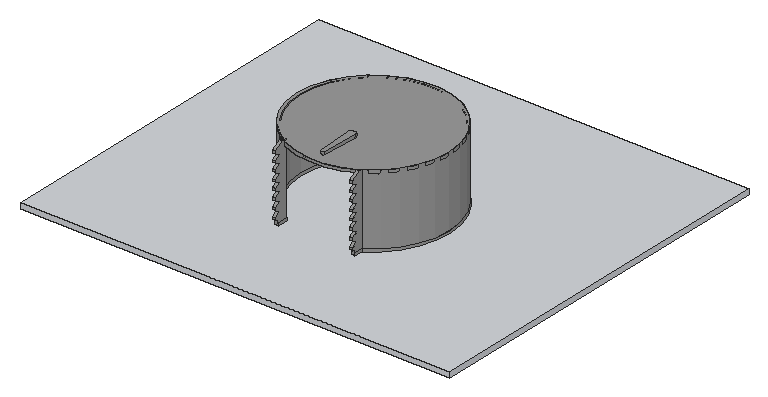
Revit family "46-PORTARROLLOS METÁLICO", category Aparatos sanitarios, Revit 2018
Family settings
  Anfitrión = Cara
  Cota de conector redondo = Diámetro de uso
  Tipo de pieza = Normal
  Número OmniClass = 23.45.00.00
  Título OmniClass = Sanitary, Laundry, and Cleaning Equipment
  Corte con vacíos al cargar = No
  Compartido = No
  Punto de cálculo de habitación = No
Parameters
  Vida útil unidad = ""
  Vida útil = ""
  URL = ""
  Tráfico = "Institucional"
  Tipo de Activo = "Fijo"
  Tamaño = "265 x 130 x 265"
  Responsable Garantías Partes = "www.corona.com.co"
  Requerimientos Accesibilidad = "Manual"
  Presión mínima = ""
  Presión Máxima = ""
  Número Modelo = "706670001"
  Nombre del Fabricante = "Corona"
  Nombre = "Portarrollo"
  Model = ""
  Material de Fabricación = "Acero Inoxidable"
  Material Acabado = Acero Inoxidable Corona
  Logitud Nominal = 264
  Forma = "Cilíndrica"
  Fabricante = "www.corona.com.co"
  Default Elevation = 0 mm
  Duración Garantía Unidad = "Año"
  Duración Garantía Partes = "1"
  Diámetro de conexión entrada = ""
  Descripción de la garantía = "Garantía de 1 año, garantía de 3 años en acabados."
  Descripción IFC = "Portarrollo metálico"
  Descripción = "Plumbing Fixtures"
  Código de montaje = "D2010"
  Cumplimiento de Norma = "Cumple con norma IAPMO IGC 157"
  Consumo de agua = ""
  Color = "Satinado"
  Caudal = ""
  Características = "Tamaño adecuado para diferentes tamaños de rollo, sistema de fijación externa, ideal para instituciones de alto tráfico"
  Ancho Nominal = 130
  Altura Nominal = 265
  Acabado = "Brillante"
Reference planes
  plane 1 "Center (Front/Back)": y = 0
  plane 2: z = 0
  plane 3 "Center (Left/Right)": x = 0
  plane 4: y = -138.397
  plane 5: y = -125.962
Forms (mm)
  Extrusion 1, solid
    sketch origin (0, 0, 0) x (1, 0, 0) y (0, 1, 0)
      loop
        line (-385.853, 360) -> (-385.853, -304.449) -> (380.791, -304.449) -> (380.791, 360) -> (-385.853, 360)
    from 0 to -9.713
  Sweep 2, solid, material "Acero Inoxidable Corona", detail levels medium+fine
    path origin (0, 0, 98.939) x (-1, 0, 0) y (0, -1, 0)
      loop
        line (-65.853, 135) -> (-65.853, 112.087)
        arc (-65.853, 112.087) -> (0, -130) -> (65.853, 112.087) r 130
        line (65.853, 112.087) -> (65.853, 135)
    profile origin (-65.853, -123.543, 98.939) x (1, 0, 0) y (0, 0, 1)
      loop
        line (0, 31.061) -> (-5, 31.061) -> (-5, -94.628) -> (-5.833, -94.628) -> (-5.833, -98.939) -> (0.815, -98.939) -> (0.815, -94.628) -> (0, -94.628) -> (0, 31.061)
  Extrusion 3, void
    sketch origin (0, 0, 0) x (0, 1, 0) y (0, 0, 1)
      loop
        line (-114.052, 133.187) -> (-143.505, 133.187) -> (-143.505, 0) -> (-129.737, 0) -> (-129.737, 7.319) -> (-138.397, 12.319) -> (-125.962, 20.707) -> (-138.397, 27.887) -> (-125.962, 36.275) -> (-138.397, 43.454) -> (-125.962, 51.842) -> (-138.397, 59.022) -> (-125.962, 66.202) -> (-138.397, 73.381) -> (-125.962, 80.561) -> (-138.397, 88.949) -> (-125.962, 96.129) -> (-137.636, 104.003) -> (-125.962, 110.743) -> (-138.397, 119.131) -> (-114.052, 133.187)
    from -79.246 to 78.097
  Extrusion 4, solid, material "Acero Inoxidable Corona", detail levels medium+fine
    sketch origin (0, 0, 98.939) x (-1, 0, 0) y (0, -1, 0)
      loop
        circle (0, 0) r 135
      loop
        arc (2.854, 112.031) -> (0, 114.885) -> (-2.854, 112.031) r 2.854
        line (-2.854, 112.031) -> (-6.842, 48.618)
        arc (-6.842, 48.618) -> (0, 41.775) -> (6.842, 48.618) r 6.842
        line (6.842, 48.618) -> (2.854, 112.031)
    from 25.701 to 31.061
  Extrusion 5, solid, material "Acrilico Corona", detail levels medium+fine
    sketch origin (0, 0, 98.939) x (-1, 0, 0) y (0, -1, 0)
      loop
        line (6.842, 48.618) -> (2.854, 112.031)
        arc (2.854, 112.031) -> (0, 114.885) -> (-2.854, 112.031) r 2.854
        line (-2.854, 112.031) -> (-6.842, 48.618)
        arc (-6.842, 48.618) -> (0, 41.775) -> (6.842, 48.618) r 6.842
    from 25.701 to 35.074
  Extrusion 6, solid, material "Vidrio", detail levels coarse
    sketch origin (0, 0, 98.939) x (-1, 0, 0) y (0, -1, 0)
      loop
        line (135.833, -135.833) -> (135.833, 135) -> (-135.833, 135) -> (-135.833, -135.833) -> (135.833, -135.833)
    from -98.939 to 35.074
Cuts and joins
  Extrusion 3 cuts Sweep 2
Lines and regions (mm)
  symbolic lines, detail levels coarse
    curve 1: line (0, -93.204, 0) -> (0, 23.444, 0)
    curve 2: line (0, -32, 0) -> (0, 428, 0)
    curve 41: line (0, 135.857, 134.013) -> (0, -135, 134.013)
    curve 42: line (0, 135.857, 0) -> (0, 135.857, 134.013)
    curve 43: line (0, -135, 0) -> (0, 135.857, 0)
    curve 44: line (0, -135, 134.013) -> (0, -135, 0)
    curve 65: line (-135.833, 135.833, 98.939) -> (135.833, 135.833, 98.939)
    curve 66: line (-135.833, -135, 98.939) -> (-135.833, 135.833, 98.939)
    curve 67: line (135.833, -135, 98.939) -> (-135.833, -135, 98.939)
    curve 68: line (135.833, 135.833, 98.939) -> (135.833, -135, 98.939)
    curve 84: line (-135.844, 0, 134.25) -> (135.844, 0, 134.25)
    curve 85: line (-135.844, 0, 0) -> (-135.844, 0, 134.25)
    curve 86: line (135.844, 0, 0) -> (-135.844, 0, 0)
    curve 87: line (135.844, 0, 134.25) -> (135.844, 0, 0)
  symbolic lines, detail levels medium+fine
    curve 3: line (0, 135.857, 0) -> (0, 135.857, 4.237)
    curve 4: line (0, 135.857, 4.237) -> (0, -115.412, 4.237)
    curve 5: line (0, -115.412, 4.237) -> (0, -115.412, 0.062)
    curve 6: line (0, -115.412, 0.062) -> (0, 135.925, 0.062)
    curve 7: line (0, 134.899, 4.237) -> (0, 134.899, 130)
    curve 8: line (0, 134.899, 130) -> (0, -114.885, 130)
    curve 9: line (0, -114.885, 130) -> (0, -114.885, 5)
    curve 10: line (0, -41.661, 130) -> (0, -41.661, 134.013)
    curve 11: line (0, -41.661, 134.013) -> (0, -114.885, 134.013)
    curve 12: line (0, -114.885, 134.013) -> (0, -114.885, 130)
    curve 13: line (0, -129.737, 0) -> (0, -129.737, 7.319)
    curve 14: line (0, -129.737, 7.319) -> (0, -135, 10.358)
    curve 15: line (0, -135, 14.611) -> (0, -125.962, 20.707)
    curve 16: line (0, -125.962, 20.707) -> (0, -135, 25.925)
    curve 17: line (0, -135, 30.178) -> (0, -125.962, 36.275)
    curve 18: line (0, -125.962, 36.275) -> (0, -135, 41.493)
    curve 19: line (0, -135, 45.746) -> (0, -125.962, 51.842)
    curve 20: line (0, -125.962, 51.842) -> (0, -135, 57.061)
    curve 21: line (0, -135, 60.983) -> (0, -125.962, 66.202)
    curve 22: line (0, -125.962, 66.202) -> (0, -135, 71.42)
    curve 23: line (0, -135, 75.343) -> (0, -125.962, 80.561)
    curve 24: line (0, -125.962, 80.561) -> (0, -135, 86.657)
    curve 25: line (0, -135, 90.91) -> (0, -125.962, 96.129)
    curve 26: line (0, -125.962, 96.129) -> (0, -135, 102.225)
    curve 27: line (0, -135, 105.525) -> (0, -125.962, 110.743)
    curve 28: line (0, -125.962, 110.743) -> (0, -135, 116.84)
    curve 29: line (0, -135, 121.093) -> (0, -128.856, 124.639)
    curve 30: line (0, -135, 121.093) -> (0, -135, 116.84)
    curve 31: line (0, -135, 105.525) -> (0, -135, 102.225)
    curve 32: line (0, -135, 90.91) -> (0, -135, 86.657)
    curve 33: line (0, -135, 75.343) -> (0, -135, 71.42)
    curve 34: line (0, -135, 60.983) -> (0, -135, 57.061)
    curve 35: line (0, -135, 45.746) -> (0, -135, 41.493)
    curve 36: line (0, -135, 30.178) -> (0, -135, 25.925)
    curve 37: line (0, -135, 14.611) -> (0, -135, 10.358)
    curve 38: line (0, -114.885, 124.639) -> (0, -135, 124.639)
    curve 39: line (0, -135, 124.639) -> (0, -135, 130)
    curve 40: line (0, -135, 130) -> (0, -114.885, 130)
    curve 45: arc (6.842, -48.618, 98.939) -> (0, -41.775, 98.939) -> (-6.842, -48.618, 98.939) r 6.842
    curve 46: line (-2.854, -112.031, 98.939) -> (-6.842, -48.618, 98.939)
    curve 47: arc (-2.854, -112.031, 98.939) -> (0, -114.885, 98.939) -> (2.854, -112.031, 98.939) r 2.854
    curve 48: line (6.842, -48.618, 98.939) -> (2.854, -112.031, 98.939)
    curve 49: line (-71.685, -129.737, 98.939) -> (-71.685, -115.376, 98.939)
    curve 50: arc (71.685, -115.376, 98.939) -> (0, 135.833, 98.939) -> (-71.685, -115.376, 98.939) r 135.833
    curve 51: line (71.685, -115.376, 98.939) -> (71.685, -129.737, 98.939)
    curve 52: line (71.685, -129.737, 98.939) -> (70.853, -129.737, 98.939)
    curve 53: line (70.853, -129.737, 98.939) -> (70.853, -135, 98.939)
    curve 54: line (70.853, -135, 98.939) -> (65.853, -135, 98.939)
    curve 55: line (65.853, -135, 98.939) -> (65.853, -129.737, 98.939)
    curve 56: line (65.853, -129.737, 98.939) -> (65.038, -129.737, 98.939)
    curve 57: line (65.038, -129.737, 98.939) -> (65.038, -118.301, 98.939)
    curve 58: arc (65.038, -118.301, 98.939) -> (0, -135, 98.939) -> (-65.038, -118.301, 98.939) r 135
    curve 59: line (-65.038, -118.301, 98.939) -> (-65.038, -129.737, 98.939)
    curve 60: line (-65.038, -129.737, 98.939) -> (-65.853, -129.737, 98.939)
    curve 61: line (-65.853, -129.737, 98.939) -> (-65.853, -135, 98.939)
    curve 62: line (-65.853, -135, 98.939) -> (-70.853, -135, 98.939)
    curve 63: line (-70.853, -135, 98.939) -> (-70.853, -129.737, 98.939)
    curve 64: line (-70.853, -129.737, 98.939) -> (-71.685, -129.737, 98.939)
    curve 69: line (-135.844, 0, 0) -> (-135.844, 0, 4.345)
    curve 70: line (-135.844, 0, 4.345) -> (-65.004, 0, 4.345)
    curve 71: line (-65.004, 0, 4.345) -> (-65.004, 0, 0)
    curve 72: line (65.004, 0, 4.345) -> (65.004, 0, 0)
    curve 73: line (-134.987, 0, 4.345) -> (-134.987, 0, 130)
    curve 74: line (-134.987, 0, 130) -> (135, 0, 130)
    curve 75: line (135, 0, 130) -> (135, 0, 4.345)
    curve 76: line (-65.853, 0, 125.546) -> (-65.853, 0, 0.546)
    curve 77: line (65.853, 0, 125.546) -> (65.853, 0, 0.546)
    curve 78: line (-65.853, 0, 125.546) -> (65.853, 0, 125.546)
    curve 79: line (-6.842, 0, 130) -> (-6.842, 0, 134.013)
    curve 80: line (-6.842, 0, 134.013) -> (6.842, 0, 134.013)
    curve 81: line (6.842, 0, 134.013) -> (6.842, 0, 130)
    curve 82: line (135.844, 0, 4.345) -> (65.004, 0, 4.345)
    curve 83: line (135.844, 0, 4.345) -> (135.844, 0, 0)
Dimensions and locks
  aligned and locked: plane 2 to Extrusion 1
  aligned and locked: level to Extrusion 1
